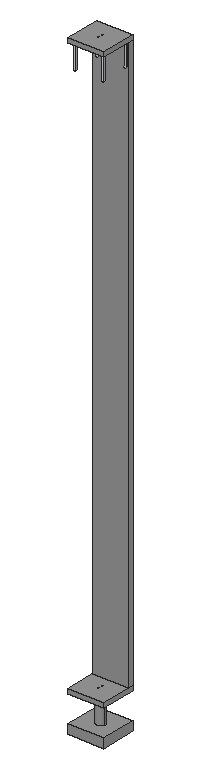
Revit family "CLT Colums Fam Foundation", category Columns, Revit 2024
Family settings
  OmniClass Number = 23.25.30.11.14.11
  OmniClass Title = Columns
  Cut with Voids When Loaded = No
  Automatically joins geometry to walls = Yes
  Shared = No
  Show family pre-cut in plan views = Yes
Parameters
  Width = 2' - 0"
  TBofP to ToL [instance] = 0' - 1 89/256"
  Plate gap [instance] = 0' - 10"
  Over all Hieght [instance] = 2' - 10"
  Offset Top = 0' - 0"
  Offset Bottom = 0' - 2 89/256"
  Depth = 2' - 0"
  CLT Wood [instance] = CLT Wood
  C - Hieght [instance] = 10' - 8.62488"
  BoL Foundation = 0' - 0"
  Alum = Aluminom
Reference planes (in)
  plane 1 "Center (Front/Back)": y = 0
  plane 2: z = 0
  plane 3 "Center (Left/Right)": x = 0
  plane 4 "Left": x = -12
  plane 5 "Right": x = 12
  plane 6 "Back": y = 12
  plane 7 "Front": y = -12
Forms (in)
  Extrusion 1, solid, not visible
    sketch origin (31.78776, 32.17592, -10) x (0, -1, 0) y (0, 0, -1)
      loop
        line (8, 95.87488) -> (6.85714, 95.87488) -> (6.85714, -32.75) -> (8, -32.75) -> (8, 95.87488)
    from 0 to -8
  Extrusion 2, solid, not visible
    sketch origin (31.78776, 32.17592, -10) x (0, -1, 0) y (0, 0, -1)
      loop
        line (6.85714, 95.87488) -> (5.71429, 95.87488) -> (5.71429, -32.75) -> (6.85714, -32.75) -> (6.85714, 95.87488)
    from 0 to -8
  Extrusion 3, solid, not visible
    sketch origin (31.78776, 32.17592, -10) x (0, -1, 0) y (0, 0, -1)
      loop
        line (5.71429, 95.87488) -> (4.57143, 95.87488) -> (4.57143, -32.75) -> (5.71429, -32.75) -> (5.71429, 95.87488)
    from 0 to -8
  Extrusion 4, solid, not visible
    sketch origin (31.78776, 32.17592, -10) x (0, -1, 0) y (0, 0, -1)
      loop
        line (4.57143, 95.87488) -> (3.42857, 95.87488) -> (3.42857, -32.75) -> (4.57143, -32.75) -> (4.57143, 95.87488)
    from 0 to -8
  Extrusion 5, solid, not visible
    sketch origin (31.78776, 32.17592, -10) x (0, -1, 0) y (0, 0, -1)
      loop
        line (3.42857, 95.87488) -> (2.28571, 95.87488) -> (2.28571, -32.75) -> (3.42857, -32.75) -> (3.42857, 95.87488)
    from 0 to -8
  Extrusion 6, solid, not visible
    sketch origin (31.78776, 32.17592, -10) x (0, -1, 0) y (0, 0, -1)
      loop
        line (2.28571, 95.87488) -> (1.14286, 95.87488) -> (1.14286, -32.75) -> (2.28571, -32.75) -> (2.28571, 95.87488)
    from 0 to -8
  Extrusion 7, solid, not visible
    sketch origin (31.78776, 32.17592, -10) x (0, -1, 0) y (0, 0, -1)
      loop
        line (1.14286, 95.87488) -> (0, 95.87488) -> (0, -32.75) -> (1.14286, -32.75) -> (1.14286, 95.87488)
    from 0 to -8
  Extrusion 8, void, not visible
    sketch origin (31.78776, 29.89021, 22.75) x (-1, 0, 0) y (0, 1, 0)
      loop
        circle (7.10713, -4.82142) r 0.3125
      loop
        circle (7.10713, 1.39284) r 0.3125
      loop
        circle (0.89287, 1.39284) r 0.3125
      loop
        circle (0.89287, -4.82142) r 0.3125
    from 5.61328 to 0
  Extrusion 9, solid, not visible
    sketch origin (35.62956, 30.54791, 10) x (-1, 0, 0) y (0, -1, 0)
      loop
        circle (-0.89287, 0.89287) r 0.25
      loop
        circle (-0.89287, 7.10713) r 0.25
      loop
        circle (-7.10713, 7.10713) r 0.25
      loop
        circle (-7.10713, 0.89287) r 0.25
    from -0.625 to 5.37512
  Extrusion 10, solid, not visible
    sketch origin (35.62956, 30.54791, 0) x (-1, 0, 0) y (0, -1, 0)
      loop
        line (0, 0) -> (0, 8) -> (-8, 8) -> (-8, 0) -> (0, 0)
    from 10 to 9
  Extrusion 11, solid, not visible
    sketch origin (35.62956, 30.54791, 0.5) x (-1, 0, 0) y (0, -1, 0)
      loop
        circle (-4, 4) r 1.5
      loop
        circle (-4, 4) r 1.25
    from 1 to 8.5
  Extrusion 12, void, not visible
    sketch origin (39.62956, 34.89667, -120.5) x (0, -1, 0) y (0, 0, 1)
      loop
        circle (8.09876, 128.58145) r 0.25
    from -2.20492 to 3.10713
  Extrusion 13, void, not visible
    sketch origin (35.62956, 22.54791, 10) x (1, 0, 0) y (0, -1, 0)
      loop
        circle (4, -3.5) r 0.125
      loop
        circle (4, -4.5) r 0.125
    from -0.73368 to 1.5
  Extrusion 14, void, not visible
    sketch origin (35.62956, 30.54791, 10) x (-1, 0, 0) y (0, -1, 0)
      loop
        circle (-0.89287, 0.89287) r 0.25
      loop
        circle (-0.89287, 7.10713) r 0.25
      loop
        circle (-7.10713, 7.10713) r 0.25
      loop
        circle (-7.10713, 0.89287) r 0.25
    from -0.625 to 5.37512
  Extrusion 15, solid, not visible
    sketch origin (35.99761, 42.48659, 0) x (-1, 0, 0) y (0, -1, 0)
      loop
        line (0, 0) -> (0, 8) -> (-8, 8) -> (-8, 0) -> (0, 0)
    from 0 to 1
  Extrusion 16, solid, not visible
    sketch origin (35.99761, 42.48659, 1) x (-1, 0, 0) y (0, -1, 0)
      loop
        circle (-4, 4) r 1.5
      loop
        circle (-4, 4) r 1.75
    from 0 to 8.5
  Extrusion 17, void, not visible
    sketch origin (39.99761, 46.83536, -120) x (0, -1, 0) y (0, 0, 1)
      loop
        circle (8.34876, 128.08145) r 0.25
    from -2.20492 to 3.10713
  Extrusion 18, void, not visible
    sketch origin (35.99761, 42.48659, 1) x (-1, 0, 0) y (0, -1, 0)
      loop
        circle (-0.3125, 0.3125) r 0.25
      loop
        circle (-7.6875, 0.3125) r 0.25
      loop
        circle (-0.3125, 7.6875) r 0.25
      loop
        circle (-7.6875, 7.6875) r 0.25
    from -0.625 to 7.375
  Extrusion 19, solid, not visible
    sketch origin (35.99761, 42.48659, 0) x (0, 1, 0) y (1, 0, 0)
      loop
        circle (-0.89287, 0.89287) r 0.25
      loop
        circle (-7.10713, 0.89287) r 0.25
      loop
        circle (-7.10713, 7.10713) r 0.25
      loop
        circle (-0.89287, 7.10713) r 0.25
    from -0.625 to 5.37512
  Extrusion 20, solid, not visible
    sketch origin (38.24761, 38.48659, 7.65234) x (1, 0, 0) y (0, 1, 0)
      loop
        line (-2.5, 4.25) -> (-2.5, -4.25) -> (6, -4.25) -> (6, 4.25) -> (-2.5, 4.25)
    from 0 to 0.0625
  Extrusion 21, void, not visible
    sketch origin (35.99761, 42.48659, 1) x (-1, 0, 0) y (0, -1, 0)
      loop
        circle (-4, 4) r 1.75
    from 5.49799 to 7.68245
  Extrusion 22, void, not visible
    sketch origin (35.99761, 34.48659, 0) x (0, -1, 0) y (1, 0, 0)
      loop
        circle (-3.5, 4) r 0.125
      loop
        circle (-4.5, 4) r 0.125
    from -0.73368 to 1.5
  Extrusion 23, void, not visible
    sketch origin (35.99761, 42.48659, 1) x (-1, 0, 0) y (0, -1, 0)
      loop
        circle (-0.3125, 0.3125) r 0.25
      loop
        circle (-7.6875, 0.3125) r 0.25
      loop
        circle (-0.3125, 7.6875) r 0.25
      loop
        circle (-7.6875, 7.6875) r 0.25
    from -0.625 to 7.375
  Extrusion 24, void, not visible
    sketch origin (35.99761, 42.48659, 0) x (0, 1, 0) y (1, 0, 0)
      loop
        circle (-0.89287, 0.89287) r 0.25
      loop
        circle (-7.10713, 0.89287) r 0.25
      loop
        circle (-7.10713, 7.10713) r 0.25
      loop
        circle (-0.89287, 7.10713) r 0.25
    from -0.625 to 5.37512
  Extrusion 25, solid, not visible
    sketch origin (48.91093, 26.75813, 6.71484) x (1, 0, 0) y (0, 1, 0)
      loop
        circle (5.4375, 3.6875) r 0.25
      loop
        circle (5.4375, -3.6875) r 0.25
      loop
        circle (-1.9375, 3.6875) r 0.25
      loop
        circle (-1.9375, -3.6875) r 0.25
      loop
        line (-2.15401, 4.0625) -> (-2.37051, 3.6875) -> (-2.15401, 3.3125) -> (-1.72099, 3.3125) -> (-1.50449, 3.6875) -> (-1.72099, 4.0625) -> (-2.15401, 4.0625)
      loop
        line (5.22099, 4.0625) -> (5.00449, 3.6875) -> (5.22099, 3.3125) -> (5.65401, 3.3125) -> (5.87051, 3.6875) -> (5.65401, 4.0625) -> (5.22099, 4.0625)
      loop
        line (-2.15401, -4.0625) -> (-1.72099, -4.0625) -> (-1.50449, -3.6875) -> (-1.72099, -3.3125) -> (-2.15401, -3.3125) -> (-2.37051, -3.6875) -> (-2.15401, -4.0625)
      loop
        line (5.65401, -4.0625) -> (5.87051, -3.6875) -> (5.65401, -3.3125) -> (5.22099, -3.3125) -> (5.00449, -3.6875) -> (5.22099, -4.0625) -> (5.65401, -4.0625)
    from 0.25 to 0
  Extrusion 26, solid, not visible
    sketch origin (46.66093, 30.75813, 0) x (-1, 0, 0) y (0, -1, 0)
      loop
        circle (-0.3125, 0.3125) r 0.25
      loop
        circle (-7.6875, 0.3125) r 0.25
      loop
        circle (-0.3125, 7.6875) r 0.25
      loop
        circle (-7.6875, 7.6875) r 0.25
    from -0.625 to 7.375
  Extrusion 27, solid, not visible
    sketch origin (35.62956, 30.79791, 136.34766) x (0, -1, 0) y (-1, 0, 0)
      loop
        line (5.71429, -8) -> (6.85714, -8) -> (6.85714, 0) -> (5.71429, 0) -> (5.71429, -8)
    from 0 to 128.62488 <- "C - Hieght"
  Extrusion 28, solid, not visible
    sketch origin (35.62956, 29.65505, 136.34766) x (0, -1, 0) y (-1, 0, 0)
      loop
        line (5.71429, -8) -> (6.85714, -8) -> (6.85714, 0) -> (5.71429, 0) -> (5.71429, -8)
    from 0 to 128.62488 <- "C - Hieght"
  Extrusion 29, solid, not visible
    sketch origin (35.62956, 31.94077, 136.34766) x (0, -1, 0) y (-1, 0, 0)
      loop
        line (5.71429, -8) -> (6.85714, -8) -> (6.85714, 0) -> (5.71429, 0) -> (5.71429, -8)
    from 0 to 128.62488 <- "C - Hieght"
  Extrusion 30, solid, not visible
    sketch origin (35.62956, 33.08362, 136.34766) x (0, -1, 0) y (-1, 0, 0)
      loop
        line (5.71429, -8) -> (6.85714, -8) -> (6.85714, 0) -> (5.71429, 0) -> (5.71429, -8)
    from 0 to 128.62488 <- "C - Hieght"
  Extrusion 31, solid, not visible
    sketch origin (35.62956, 34.22648, 136.34766) x (0, -1, 0) y (-1, 0, 0)
      loop
        line (5.71429, -8) -> (6.85714, -8) -> (6.85714, 0) -> (5.71429, 0) -> (5.71429, -8)
    from 0 to 128.62488 <- "C - Hieght"
  Extrusion 32, solid, not visible
    sketch origin (35.62956, 35.36934, 136.34766) x (0, -1, 0) y (-1, 0, 0)
      loop
        line (5.71429, -8) -> (6.85714, -8) -> (6.85714, 0) -> (5.71429, 0) -> (5.71429, -8)
    from 0 to 128.62488 <- "C - Hieght"
  Extrusion 33, solid, not visible
    sketch origin (35.62956, 36.51219, 136.34766) x (0, -1, 0) y (-1, 0, 0)
      loop
        line (5.71429, -8) -> (6.85714, -8) -> (6.85714, 0) -> (5.71429, 0) -> (5.71429, -8)
    from 0 to 128.62488 <- "C - Hieght"
  Extrusion 34, void, not visible
    sketch origin (35.62956, 19.86934, 274.97254) x (0, -1, 0) y (-1, 0, 0)
      loop
        circle (-3.57144, -0.89287) r 0.3125
      loop
        circle (-9.7857, -0.89287) r 0.3125
      loop
        circle (-9.7857, -7.10713) r 0.3125
      loop
        circle (-3.57144, -7.10713) r 0.3125
    from 5.61328 to 0
  Extrusion 35, solid, not visible
    sketch origin (35.62956, 30.54791, 146.34766) x (-1, 0, 0) y (0, -1, 0)
      loop
        line (-8, 6.60714) -> (-8, 5.46429) -> (0, 5.46429) -> (0, 6.60714) -> (-8, 6.60714)
    from 0 to 128.62488 <- "C - Hieght"
  Extrusion 36, void, not visible
    sketch origin (35.62956, 30.54791, 146.34766) x (-1, 0, 0) y (0, -1, 0)
      loop
        circle (-0.89287, 0.64287) r 0.25
      loop
        circle (-0.89287, 7.10713) r 0.25
      loop
        circle (-7.10713, 7.10713) r 0.25
      loop
        circle (-7.10713, 0.64287) r 0.25
    from -0.625 to 5.37512
  Extrusion 37, solid, not visible
    sketch origin (35.62956, 29.15505, 146.34766) x (-1, 0, 0) y (0, -1, 0)
      loop
        line (-8, 6.60714) -> (-8, 5.21429) -> (0, 5.21429) -> (0, 6.60714) -> (-8, 6.60714)
    from 0 to 128.62488 <- "C - Hieght"
  Extrusion 38, solid, not visible
    sketch origin (35.62956, 19.86934, 146.34766) x (-1, 0, 0) y (0, -1, 0)
      loop
        line (-8, -6.35714) -> (0, -6.35714) -> (0, -5.21429) -> (-8, -5.21429) -> (-8, -6.35714)
    from 0 to 128.62488 <- "C - Hieght"
  Extrusion 39, solid, not visible
    sketch origin (35.62956, 20.76219, 146.34766) x (-1, 0, 0) y (0, -1, 0)
      loop
        line (-8, -6.60714) -> (0, -6.60714) -> (0, -5.46429) -> (-8, -5.46429) -> (-8, -6.60714)
    from 0 to 128.62488 <- "C - Hieght"
  Extrusion 40, solid, not visible
    sketch origin (35.62956, 21.90505, 146.34766) x (-1, 0, 0) y (0, -1, 0)
      loop
        line (-8, -6.60714) -> (0, -6.60714) -> (0, -5.46429) -> (-8, -5.46429) -> (-8, -6.60714)
    from 0 to 128.62488 <- "C - Hieght"
  Extrusion 41, solid, not visible
    sketch origin (35.62956, 23.04791, 146.34766) x (-1, 0, 0) y (0, -1, 0)
      loop
        line (-8, -6.60714) -> (0, -6.60714) -> (0, -5.46429) -> (-8, -5.46429) -> (-8, -6.60714)
    from 0 to 128.62488 <- "C - Hieght"
  Extrusion 42, solid, not visible
    sketch origin (35.62956, 24.19077, 146.34766) x (-1, 0, 0) y (0, -1, 0)
      loop
        line (-8, -6.60714) -> (0, -6.60714) -> (0, -5.46429) -> (-8, -5.46429) -> (-8, -6.60714)
    from 0 to 128.62488 <- "C - Hieght"
  Extrusion 43, solid
    sketch origin (0, -3.92857, 136.34766) x (1, 0, 0) y (0, -1, 0)
      loop
        circle (-3.10713, -7.10713) r 0.25
      loop
        circle (-3.10713, -0.89287) r 0.25
      loop
        circle (3.10713, -0.89287) r 0.25
      loop
        circle (3.10713, -7.10713) r 0.25
    from -0.625 to 5.37512
  Extrusion 44, void
    sketch origin (0, -3.92857, 137.34766) x (-1, 0, 0) y (0, 1, 0)
      loop
        circle (0, 3.5) r 0.125
      loop
        circle (0, 4.5) r 0.125
    from -10.78733 to 151.79636
  Extrusion 45, solid, material "Aluminom" <- "Alum"
    sketch origin (0, -3.92857, 7) x (1, 0, 0) y (0, -1, 0)
      loop
        circle (0, -4) r 1
    from -0.25 to 6.25
  Extrusion 46, solid, not visible
    sketch origin (396.40864, 212.66421, 0) x (-1, 0, 0) y (0, -1, 0)
      loop
        line (0, 0) -> (0, 8) -> (-8, 8) -> (-8, 0) -> (0, 0)
    from 0 to 1
  Extrusion 47, solid, not visible
    sketch origin (396.40864, 212.66421, 1) x (-1, 0, 0) y (0, -1, 0)
      loop
        circle (-4, 4) r 1.5
      loop
        circle (-4, 4) r 1.75
    from 0 to 8
  Extrusion 48, void, not visible
    sketch origin (400.40864, 217.01298, -120) x (0, -1, 0) y (0, 0, 1)
      loop
        circle (8.34876, 128.08145) r 0.25
    from -2.20492 to 3.10713
  Extrusion 49, void, not visible
    sketch origin (396.40864, 212.66421, 1) x (-1, 0, 0) y (0, -1, 0)
      loop
        circle (-0.3125, 0.3125) r 0.25
      loop
        circle (-7.6875, 0.3125) r 0.25
      loop
        circle (-0.3125, 7.6875) r 0.25
      loop
        circle (-7.6875, 7.6875) r 0.25
    from -0.625 to 7.375
  Extrusion 50, solid, not visible
    sketch origin (396.40864, 212.66421, 0) x (0, 1, 0) y (1, 0, 0)
      loop
        circle (-0.89287, 0.89287) r 0.25
      loop
        circle (-7.10713, 0.89287) r 0.25
      loop
        circle (-7.10713, 7.10713) r 0.25
      loop
        circle (-0.89287, 7.10713) r 0.25
    from -0.625 to 5.37512
  Extrusion 51, solid, not visible
    sketch origin (398.65864, 208.66421, 7.65234) x (1, 0, 0) y (0, 1, 0)
      loop
        line (-2.5, 4.25) -> (-2.5, -4.25) -> (6, -4.25) -> (6, 4.25) -> (-2.5, 4.25)
    from 0 to 0.0625
  Extrusion 52, void, not visible
    sketch origin (396.40864, 212.66421, 1) x (-1, 0, 0) y (0, -1, 0)
      loop
        circle (-4, 4) r 1.75
    from 5.49799 to 7.68245
  Extrusion 53, void, not visible
    sketch origin (396.40864, 204.66421, 0) x (0, -1, 0) y (1, 0, 0)
      loop
        circle (-3.5, 4) r 0.125
      loop
        circle (-4.5, 4) r 0.125
    from -0.73368 to 1.5
  Extrusion 54, void, not visible
    sketch origin (396.40864, 212.66421, 1) x (-1, 0, 0) y (0, -1, 0)
      loop
        circle (-0.3125, 0.3125) r 0.25
      loop
        circle (-7.6875, 0.3125) r 0.25
      loop
        circle (-0.3125, 7.6875) r 0.25
      loop
        circle (-7.6875, 7.6875) r 0.25
    from -0.625 to 7.375
  Extrusion 55, void, not visible
    sketch origin (396.40864, 212.66421, 0) x (0, 1, 0) y (1, 0, 0)
      loop
        circle (-0.89287, 0.89287) r 0.25
      loop
        circle (-7.10713, 0.89287) r 0.25
      loop
        circle (-7.10713, 7.10713) r 0.25
      loop
        circle (-0.89287, 7.10713) r 0.25
    from -0.625 to 5.37512
  Extrusion 56, solid, not visible
    sketch origin (396.40864, 212.66421, 10) x (-1, 0, 0) y (0, -1, 0)
      loop
        circle (-0.89287, 0.89287) r 0.25
      loop
        circle (-0.89287, 7.10713) r 0.25
      loop
        circle (-7.10713, 7.10713) r 0.25
      loop
        circle (-7.10713, 0.89287) r 0.25
    from -0.625 to 5.37512
  Extrusion 57, solid, not visible
    sketch origin (396.40864, 212.66421, 0) x (-1, 0, 0) y (0, -1, 0)
      loop
        line (0, 0) -> (0, 8) -> (-8, 8) -> (-8, 0) -> (0, 0)
    from 10 to 9
  Extrusion 58, solid, not visible
    sketch origin (396.40864, 212.66421, 0.5) x (-1, 0, 0) y (0, -1, 0)
      loop
        circle (-4, 4) r 1.5
      loop
        circle (-4, 4) r 1.25
    from 1 to 8.5
  Extrusion 59, void, not visible
    sketch origin (396.40864, 204.66421, 10) x (1, 0, 0) y (0, -1, 0)
      loop
        circle (4, -3.5) r 0.125
      loop
        circle (4, -4.5) r 0.125
    from -0.73368 to 1.5
  Extrusion 60, void, not visible
    sketch origin (396.40864, 212.66421, 10) x (-1, 0, 0) y (0, -1, 0)
      loop
        circle (-0.89287, 0.89287) r 0.25
      loop
        circle (-0.89287, 7.10713) r 0.25
      loop
        circle (-7.10713, 7.10713) r 0.25
      loop
        circle (-7.10713, 0.89287) r 0.25
    from -0.625 to 5.37512
  Extrusion 61, solid, not visible
    sketch origin (400.40091, 217.01298, -120) x (0, -1, 0) y (0, 0, 1)
      loop
        circle (8.34876, 128.08145) r 0.25
    from -1.87545 to 2.07698
  Extrusion 62, solid, not visible
    sketch origin (402.27636, 217.01298, -120) x (0, 1, 0) y (0, 0, 1)
      loop
        circle (-8.34876, 128.08145) r 0.3125
    from 0.04769 to 0
  Extrusion 63, solid, not visible
    sketch origin (398.65864, 208.66421, 7.71484) x (1, 0, 0) y (0, 1, 0)
      loop
        circle (5.4375, 3.6875) r 0.25
      loop
        circle (5.4375, -3.6875) r 0.25
      loop
        circle (-1.9375, 3.6875) r 0.25
      loop
        circle (-1.9375, -3.6875) r 0.25
      loop
        line (-2.15401, 4.0625) -> (-2.37051, 3.6875) -> (-2.15401, 3.3125) -> (-1.72099, 3.3125) -> (-1.50449, 3.6875) -> (-1.72099, 4.0625) -> (-2.15401, 4.0625)
      loop
        line (5.22099, 4.0625) -> (5.00449, 3.6875) -> (5.22099, 3.3125) -> (5.65401, 3.3125) -> (5.87051, 3.6875) -> (5.65401, 4.0625) -> (5.22099, 4.0625)
      loop
        line (-2.15401, -4.0625) -> (-1.72099, -4.0625) -> (-1.50449, -3.6875) -> (-1.72099, -3.3125) -> (-2.15401, -3.3125) -> (-2.37051, -3.6875) -> (-2.15401, -4.0625)
      loop
        line (5.65401, -4.0625) -> (5.87051, -3.6875) -> (5.65401, -3.3125) -> (5.22099, -3.3125) -> (5.00449, -3.6875) -> (5.22099, -4.0625) -> (5.65401, -4.0625)
    from 0.25 to 0
  Extrusion 64, solid, not visible
    sketch origin (396.40864, 212.66421, 1) x (-1, 0, 0) y (0, -1, 0)
      loop
        circle (-0.3125, 0.3125) r 0.25
      loop
        circle (-7.6875, 0.3125) r 0.25
      loop
        circle (-0.3125, 7.6875) r 0.25
      loop
        circle (-7.6875, 7.6875) r 0.25
    from -0.625 to 7.375
  Extrusion 65, solid, not visible
    sketch origin (4, 4, 134.09766) x (0, -1, 0) y (0, 0, -1)
      loop
        line (8, -2.25) -> (8, 126.37488) -> (6.85714, 126.37488) -> (6.85714, -2.25) -> (8, -2.25)
    from 0 to -8
  Extrusion 66, void, not visible
    sketch origin (4, -4, 136.34766) x (0, 1, 0) y (-1, 0, 0)
      loop
        circle (0.89287, 7.10713) r 0.3125
      loop
        circle (7.10713, 7.10713) r 0.3125
      loop
        circle (7.10713, 0.89287) r 0.3125
      loop
        circle (0.89287, 0.89287) r 0.3125
    from -5.61444 to 0
  Extrusion 67, solid, not visible
    sketch origin (-4, 4, 136.34766) x (-1, 0, 0) y (0, -1, 0)
      loop
        line (0, 0) -> (0, 8) -> (-8, 8) -> (-8, 0) -> (0, 0)
    from 0 to 1
  Extrusion 68, solid, not visible
    sketch origin (-4, 4, 137.34766) x (-1, 0, 0) y (0, -1, 0)
      loop
        circle (-4, 4) r 1.5
      loop
        circle (-4, 4) r 1.75
    from 0 to 8
  Extrusion 69, void, not visible
    sketch origin (0, 8.34876, 16.34766) x (0, -1, 0) y (0, 0, 1)
      loop
        circle (8.34876, 128.08145) r 0.25
    from -2.20492 to 3.10713
  Extrusion 70, void, not visible
    sketch origin (-4, 4, 137.34766) x (-1, 0, 0) y (0, -1, 0)
      loop
        circle (-0.3125, 0.3125) r 0.25
      loop
        circle (-7.6875, 0.3125) r 0.25
      loop
        circle (-0.3125, 7.6875) r 0.25
      loop
        circle (-7.6875, 7.6875) r 0.25
    from -0.625 to 7.375
  Extrusion 71, solid, not visible
    sketch origin (-4, 4, 136.34766) x (0, 1, 0) y (1, 0, 0)
      loop
        circle (-0.89287, 0.89287) r 0.25
      loop
        circle (-7.10713, 0.89287) r 0.25
      loop
        circle (-7.10713, 7.10713) r 0.25
      loop
        circle (-0.89287, 7.10713) r 0.25
    from -0.625 to 5.37512
  Extrusion 72, solid, not visible
    sketch origin (-1.75, 0, 144) x (1, 0, 0) y (0, 1, 0)
      loop
        line (-2.5, 4.25) -> (-2.5, -4.25) -> (6, -4.25) -> (6, 4.25) -> (-2.5, 4.25)
    from 0 to 0.0625
  Extrusion 73, void, not visible
    sketch origin (-4, 4, 137.34766) x (-1, 0, 0) y (0, -1, 0)
      loop
        circle (-4, 4) r 1.75
    from 5.49799 to 7.68245
  Extrusion 74, void, not visible
    sketch origin (-4, -4, 136.34766) x (0, -1, 0) y (1, 0, 0)
      loop
        circle (-3.5, 4) r 0.125
      loop
        circle (-4.5, 4) r 0.125
    from -0.73368 to 1.5
  Extrusion 75, void, not visible
    sketch origin (-4, 4, 137.34766) x (-1, 0, 0) y (0, -1, 0)
      loop
        circle (-0.3125, 0.3125) r 0.25
      loop
        circle (-7.6875, 0.3125) r 0.25
      loop
        circle (-0.3125, 7.6875) r 0.25
      loop
        circle (-7.6875, 7.6875) r 0.25
    from -0.625 to 7.375
  Extrusion 76, void, not visible
    sketch origin (-4, 4, 136.34766) x (0, 1, 0) y (1, 0, 0)
      loop
        circle (-0.89287, 0.89287) r 0.25
      loop
        circle (-7.10713, 0.89287) r 0.25
      loop
        circle (-7.10713, 7.10713) r 0.25
      loop
        circle (-0.89287, 7.10713) r 0.25
    from -0.625 to 5.37512
  Extrusion 77, solid, not visible
    sketch origin (-4, 4, 146.34766) x (-1, 0, 0) y (0, -1, 0)
      loop
        circle (-0.89287, 0.89287) r 0.25
      loop
        circle (-0.89287, 7.10713) r 0.25
      loop
        circle (-7.10713, 7.10713) r 0.25
      loop
        circle (-7.10713, 0.89287) r 0.25
    from -0.625 to 5.37512
  Extrusion 78, solid, not visible
    sketch origin (-4, 4, 136.34766) x (-1, 0, 0) y (0, -1, 0)
      loop
        line (0, 0) -> (0, 8) -> (-8, 8) -> (-8, 0) -> (0, 0)
    from 10 to 9
  Extrusion 79, solid, not visible
    sketch origin (-4, 4, 136.84766) x (-1, 0, 0) y (0, -1, 0)
      loop
        circle (-4, 4) r 1.5
      loop
        circle (-4, 4) r 1.25
    from 1 to 8.5
  Extrusion 80, void, not visible
    sketch origin (-4, -4, 146.34766) x (1, 0, 0) y (0, -1, 0)
      loop
        circle (4, -3.5) r 0.125
      loop
        circle (4, -4.5) r 0.125
    from -0.73368 to 1.5
  Extrusion 81, void, not visible
    sketch origin (-4, 4, 146.34766) x (-1, 0, 0) y (0, -1, 0)
      loop
        circle (-0.89287, 0.89287) r 0.25
      loop
        circle (-0.89287, 7.10713) r 0.25
      loop
        circle (-7.10713, 7.10713) r 0.25
      loop
        circle (-7.10713, 0.89287) r 0.25
    from -0.625 to 5.37512
  Extrusion 82, solid, not visible
    sketch origin (-0.00773, 8.34876, 16.34766) x (0, -1, 0) y (0, 0, 1)
      loop
        circle (8.34876, 128.08145) r 0.25
    from -1.87545 to 2.07698
  Extrusion 83, solid, not visible
    sketch origin (1.86772, 8.34876, 16.34766) x (0, 1, 0) y (0, 0, 1)
      loop
        circle (-8.34876, 128.08145) r 0.3125
    from 0.04769 to 0
  Extrusion 84, solid, not visible
    sketch origin (-1.75, 0, 144.0625) x (1, 0, 0) y (0, 1, 0)
      loop
        circle (5.4375, 3.6875) r 0.25
      loop
        circle (5.4375, -3.6875) r 0.25
      loop
        circle (-1.9375, 3.6875) r 0.25
      loop
        circle (-1.9375, -3.6875) r 0.25
      loop
        line (-2.15401, 4.0625) -> (-2.37051, 3.6875) -> (-2.15401, 3.3125) -> (-1.72099, 3.3125) -> (-1.50449, 3.6875) -> (-1.72099, 4.0625) -> (-2.15401, 4.0625)
      loop
        line (5.22099, 4.0625) -> (5.00449, 3.6875) -> (5.22099, 3.3125) -> (5.65401, 3.3125) -> (5.87051, 3.6875) -> (5.65401, 4.0625) -> (5.22099, 4.0625)
      loop
        line (-2.15401, -4.0625) -> (-1.72099, -4.0625) -> (-1.50449, -3.6875) -> (-1.72099, -3.3125) -> (-2.15401, -3.3125) -> (-2.37051, -3.6875) -> (-2.15401, -4.0625)
      loop
        line (5.65401, -4.0625) -> (5.87051, -3.6875) -> (5.65401, -3.3125) -> (5.22099, -3.3125) -> (5.00449, -3.6875) -> (5.22099, -4.0625) -> (5.65401, -4.0625)
    from 0.25 to 0
  Extrusion 85, solid, not visible
    sketch origin (-4, 4, 137.34766) x (-1, 0, 0) y (0, -1, 0)
      loop
        circle (-0.3125, 0.3125) r 0.25
      loop
        circle (-7.6875, 0.3125) r 0.25
      loop
        circle (-0.3125, 7.6875) r 0.25
      loop
        circle (-7.6875, 7.6875) r 0.25
    from -0.625 to 7.375
  Extrusion 86, solid, material "Aluminom" <- "Alum"
    sketch origin (0, 16.64286, 136.34766) x (0, -1, 0) y (0, 0, 1)
      loop
        line (20.57143, 0) -> (20.57143, 1) -> (12.57143, 1) -> (12.57143, 0) -> (20.57143, 0)
    from -4 to 4
  Extrusion 87, solid, material "Aluminom" <- "Alum"
    sketch origin (0, 16.64286, 136.34766) x (0, -1, 0) y (0, 0, 1)
      loop
        line (20.58315, -129.34766) -> (20.58315, -128.34766) -> (12.57143, -128.34766) -> (12.57143, -129.34766) -> (20.58315, -129.34766)
    from -4 to 4
  Extrusion 88, void
    sketch origin (0, -3.92857, 7) x (0, -1, 0) y (1, 0, 0)
      loop
        circle (-4, 0) r 1
    from -6.25 to 0.25
  Extrusion 89, solid, material "CLT Wood" <- "CLT Wood"
    sketch origin (0, -3.92857, 136.34766) x (1, 0, 0) y (0, -1, 0)
      loop
        line (-4, -6.85547) -> (-4, -8) -> (4, -8) -> (4, -6.85547) -> (-4, -6.85547)
    from 0 to 128.34766
  Extrusion 90, solid, material "Aluminom" <- "Alum"
    sketch origin (0, 16.64286, 136.34766) x (0, -1, 0) y (0, 0, 1)
      loop
        line (20.58315, -137.34766) -> (20.58315, -135.34766) -> (12.57143, -135.34766) -> (12.57143, -137.34766) -> (20.58315, -137.34766)
    from -4 to 4
Cuts and joins
  Extrusion 44, Extrusion 88 cuts Extrusion 87
  Extrusion 44 cuts Extrusion 86
  Extrusion 88 cuts Extrusion 90
Lines and regions (in)
  reference lines
    curve 1: line (0, 5.57143, 136.34766) -> (0, -5.42857, 136.34766)
    curve 3: line (0, -5.42857, 136.34766) -> (0, -5.42857, 145.34766)
    curve 4: line (0, -5.42857, 145.34766) -> (0, 4.82143, 145.34766)
  reference lines, not visible
    curve 2: line (0, 5.57143, 136.34766) -> (0, -5.42857, 136.34766)
Dimensions and locks (in)
  "C - Hieght": Extrusion 1 sketch curve to Extrusion 1 sketch curve
  "C - Hieght": Extrusion 2 sketch curve to Extrusion 2 sketch curve
  "C - Hieght": Extrusion 3 sketch curve to Extrusion 3 sketch curve
  "C - Hieght": Extrusion 4 sketch curve to Extrusion 4 sketch curve
  "C - Hieght": Extrusion 5 sketch curve to Extrusion 5 sketch curve
  "C - Hieght": Extrusion 6 sketch curve to Extrusion 6 sketch curve
  "C - Hieght": Extrusion 7 sketch curve to Extrusion 7 sketch curve
  "C - Hieght": Extrusion 65 sketch curve to Extrusion 65 sketch curve
  "Offset Top": curve 2 to Extrusion 65 sketch curve
  curve 4 to Extrusion 86 sketch curve to Extrusion 86 sketch curve = 0' - 8" locked, 0' - 1" locked
  locked: curve 4 to level at 1.34766
  locked: curve 1 to level at 7.65234
  curve 1 to level = 11' - 4 89/256"
  locked: Extrusion 89 sketch curve to Extrusion 89 sketch curve at 1.14453
  Extrusion 87 sketch curve to level = 0' - 8"
  Extrusion 87 sketch curve to level = 0' - 7"
  cut or joined group of Extrusion 44, Extrusion 87, Extrusion 88 to Extrusion 90 = 0' - 6"
  Extrusion 90 to level = 0' - 1"
  Extrusion 87 sketch curve to Extrusion 90 = 0' - 6"
  "BoL Foundation": cut or joined group of Extrusion 44, Extrusion 87, Extrusion 88 to Extrusion 89
  aligned and locked: level to plane 2
Automatic sketch dimensions
  Extrusion 9 sketch curve to Extrusion 10 = 0' - 0.89287"  (x8)
  Extrusion 10 sketch curve to Extrusion 10 sketch curve = 0' - 8"  (x2)
  Extrusion 11 sketch curve to Extrusion 11 sketch curve = 0' - 0"  (x4)
  Extrusion 13 sketch curve to Extrusion 13 sketch curve = 0' - 0"
  Extrusion 13 sketch curve to Extrusion 13 sketch curve = 0' - 1"
  Extrusion 14 sketch curve to Extrusion 10 = 0' - 0.89287"  (x8)
  Extrusion 15 sketch curve to Extrusion 15 sketch curve = 0' - 8"  (x2)
  Extrusion 16 sketch curve to Extrusion 16 sketch curve = 0' - 0"  (x2)
  Extrusion 16 sketch curve to Extrusion 15 = 0' - 4"  (x2)
  Extrusion 18 sketch curve to Extrusion 15 = 0' - 0 5/16"  (x8)
  Extrusion 19 sketch curve to Extrusion 19 sketch curve = 0' - 0"  (x3)
  Extrusion 19 sketch curve to Extrusion 19 sketch curve = 0' - 6.21426"  (x3)
  Extrusion 20 sketch curve to Extrusion 20 sketch curve = 0' - 8 1/2"  (x2)
  Extrusion 21 sketch curve to Extrusion 15 = 0' - 4"  (x2)
  Extrusion 22 sketch curve to Extrusion 22 sketch curve = 0' - 1"
  Extrusion 22 sketch curve to Extrusion 22 sketch curve = 0' - 0"
  Extrusion 23 sketch curve to Extrusion 15 = 0' - 0 5/16"  (x8)
  Extrusion 24 sketch curve to Extrusion 24 sketch curve = 0' - 0"  (x3)
  Extrusion 24 sketch curve to Extrusion 24 sketch curve = 0' - 6.21426"  (x3)
  Extrusion 6 to Extrusion 8 sketch curve = 0' - 0.89287"  (x4)
  Extrusion 8 sketch curve to Extrusion 6 = 0' - 4.82142"  (x2)
  Extrusion 8 sketch curve to Extrusion 6 = 0' - 0 1/4"  (x2)
  Extrusion 25 sketch curve to Extrusion 25 sketch curve = 0' - 0"  (x14)
  Extrusion 25 sketch curve to Extrusion 25 sketch curve = 0' - 0.21651"  (x21)
  Extrusion 25 sketch curve to Extrusion 25 sketch curve = 0' - 0.43301"  (x3)
  Extrusion 25 sketch curve to Extrusion 25 sketch curve = 0' - 6.50897"  (x2)
  Extrusion 25 sketch curve to Extrusion 25 sketch curve = 0' - 0 3/8"  (x12)
  Extrusion 25 sketch curve to Extrusion 25 sketch curve = 0' - 6 5/8"  (x2)
  Extrusion 25 sketch curve to Extrusion 25 sketch curve = 0' - 0.18301"  (x4)
  Extrusion 26 sketch curve to Extrusion 26 sketch curve = 0' - 0"  (x3)
  Extrusion 26 sketch curve to Extrusion 26 sketch curve = 0' - 7 3/8"  (x3)
  Extrusion 1 sketch curve to Extrusion 1 sketch curve = 0' - 1.14286"
  Extrusion 2 sketch curve to Extrusion 2 sketch curve = 0' - 1.14286"
  Extrusion 3 sketch curve to Extrusion 3 sketch curve = 0' - 1.14286"
  Extrusion 4 sketch curve to Extrusion 4 sketch curve = 0' - 1.14286"
  Extrusion 5 sketch curve to Extrusion 5 sketch curve = 0' - 1.14286"
  Extrusion 6 sketch curve to Extrusion 6 sketch curve = 0' - 1.14286"
  Extrusion 7 sketch curve to Extrusion 7 sketch curve = 0' - 1.14286"
  Extrusion 29 sketch curve to Extrusion 29 sketch curve = 0' - 1.14286"
  Extrusion 30 sketch curve to Extrusion 30 sketch curve = 0' - 1.14286"
  Extrusion 31 sketch curve to Extrusion 31 sketch curve = 0' - 1.14286"
  Extrusion 32 sketch curve to Extrusion 32 sketch curve = 0' - 1.14286"
  Extrusion 27 sketch curve to Extrusion 27 sketch curve = 0' - 1.14286"
  Extrusion 27 sketch curve to Extrusion 27 sketch curve = 0' - 8"
  Extrusion 28 sketch curve to Extrusion 28 sketch curve = 0' - 1.14286"
  Extrusion 28 sketch curve to Extrusion 28 sketch curve = 0' - 8"
  Extrusion 29 sketch curve to Extrusion 29 sketch curve = 0' - 8"
  Extrusion 30 sketch curve to Extrusion 30 sketch curve = 0' - 8"
  Extrusion 31 sketch curve to Extrusion 31 sketch curve = 0' - 8"
  Extrusion 32 sketch curve to Extrusion 32 sketch curve = 0' - 8"
  Extrusion 33 sketch curve to Extrusion 33 sketch curve = 0' - 1.14286"
  Extrusion 33 sketch curve to Extrusion 33 sketch curve = 0' - 8"
  Extrusion 35 sketch curve to Extrusion 35 sketch curve = 0' - 1.14286"
  Extrusion 38 sketch curve to Extrusion 38 sketch curve = 0' - 1.14286"
  Extrusion 39 sketch curve to Extrusion 39 sketch curve = 0' - 1.14286"
  Extrusion 40 sketch curve to Extrusion 40 sketch curve = 0' - 1.14286"
  Extrusion 41 sketch curve to Extrusion 41 sketch curve = 0' - 1.14286"
  Extrusion 34 sketch curve to Extrusion 38 = 0' - 0.89287"  (x4)
  Extrusion 38 to Extrusion 34 sketch curve = 0' - 3.42856"  (x2)
  Extrusion 38 to Extrusion 34 sketch curve = 0' - 1.64284"  (x2)
  Extrusion 35 sketch curve to Extrusion 35 sketch curve = 0' - 8"
  Extrusion 36 sketch curve to Extrusion 36 sketch curve = 0' - 0"  (x3)
  Extrusion 36 sketch curve to Extrusion 36 sketch curve = 0' - 6.21426"  (x2)
  Extrusion 36 sketch curve to Extrusion 36 sketch curve = 0' - 6.46426"
  Extrusion 37 sketch curve to Extrusion 37 sketch curve = 0' - 8"
  Extrusion 37 sketch curve to Extrusion 37 sketch curve = 0' - 1.39286"
  Extrusion 38 sketch curve to Extrusion 38 sketch curve = 0' - 8"
  Extrusion 39 sketch curve to Extrusion 39 sketch curve = 0' - 8"
  Extrusion 40 sketch curve to Extrusion 40 sketch curve = 0' - 8"
  Extrusion 41 sketch curve to Extrusion 41 sketch curve = 0' - 8"
  Extrusion 42 sketch curve to Extrusion 42 sketch curve = 0' - 8"
  Extrusion 42 sketch curve to Extrusion 42 sketch curve = 0' - 1.14286"
  Extrusion 46 sketch curve to Extrusion 46 sketch curve = 0' - 8"  (x2)
  Extrusion 47 sketch curve to Extrusion 47 sketch curve = 0' - 0"  (x2)
  Extrusion 47 sketch curve to Extrusion 46 = 0' - 4"  (x2)
  Extrusion 49 sketch curve to Extrusion 46 = 0' - 0 5/16"  (x8)
  Extrusion 50 sketch curve to Extrusion 50 sketch curve = 0' - 0"  (x3)
  Extrusion 50 sketch curve to Extrusion 50 sketch curve = 0' - 6.21426"  (x3)
  Extrusion 51 sketch curve to Extrusion 51 sketch curve = 0' - 8 1/2"  (x2)
  Extrusion 52 sketch curve to Extrusion 46 = 0' - 4"  (x2)
  Extrusion 53 sketch curve to Extrusion 53 sketch curve = 0' - 1"
  Extrusion 53 sketch curve to Extrusion 53 sketch curve = 0' - 0"
  Extrusion 54 sketch curve to Extrusion 46 = 0' - 0 5/16"  (x8)
  Extrusion 55 sketch curve to Extrusion 55 sketch curve = 0' - 0"  (x3)
  Extrusion 55 sketch curve to Extrusion 55 sketch curve = 0' - 6.21426"  (x3)
  Extrusion 56 sketch curve to Extrusion 57 = 0' - 0.89287"  (x8)
  Extrusion 57 sketch curve to Extrusion 57 sketch curve = 0' - 8"  (x2)
  Extrusion 58 sketch curve to Extrusion 58 sketch curve = 0' - 0"  (x4)
  Extrusion 59 sketch curve to Extrusion 59 sketch curve = 0' - 0"
  Extrusion 59 sketch curve to Extrusion 59 sketch curve = 0' - 1"
  Extrusion 60 sketch curve to Extrusion 57 = 0' - 0.89287"  (x8)
  Extrusion 63 sketch curve to Extrusion 63 sketch curve = 0' - 0"  (x12)
  Extrusion 63 sketch curve to Extrusion 63 sketch curve = 0' - 0.21651"  (x21)
  Extrusion 63 sketch curve to Extrusion 63 sketch curve = 0' - 0.43301"  (x3)
  Extrusion 63 sketch curve to Extrusion 63 sketch curve = 0' - 6.50897"  (x2)
  Extrusion 63 sketch curve to Extrusion 63 sketch curve = 0' - 0 3/8"  (x14)
  Extrusion 63 sketch curve to Extrusion 63 sketch curve = 0' - 0.18301"  (x4)
  Extrusion 64 sketch curve to Extrusion 64 sketch curve = 0' - 0"  (x3)
  Extrusion 64 sketch curve to Extrusion 64 sketch curve = 0' - 7 3/8"  (x3)
  Extrusion 63 sketch curve to Extrusion 63 sketch curve = 0' - 6 5/8"  (x2)
  Extrusion 67 sketch curve to Extrusion 67 sketch curve = 0' - 8"  (x2)
  Extrusion 68 sketch curve to Extrusion 68 sketch curve = 0' - 0"  (x2)
  Extrusion 68 sketch curve to Extrusion 67 = 0' - 4"  (x2)
  Extrusion 70 sketch curve to Extrusion 67 = 0' - 0 5/16"  (x8)
  Extrusion 71 sketch curve to Extrusion 71 sketch curve = 0' - 0"  (x3)
  Extrusion 71 sketch curve to Extrusion 71 sketch curve = 0' - 6.21426"  (x3)
  Extrusion 72 sketch curve to Extrusion 72 sketch curve = 0' - 8 1/2"  (x2)
  Extrusion 73 sketch curve to Extrusion 67 = 0' - 4"  (x2)
  Extrusion 74 sketch curve to Extrusion 74 sketch curve = 0' - 1"
  Extrusion 74 sketch curve to Extrusion 74 sketch curve = 0' - 0"
  Extrusion 75 sketch curve to Extrusion 67 = 0' - 0 5/16"  (x8)
  Extrusion 76 sketch curve to Extrusion 76 sketch curve = 0' - 0"  (x3)
  Extrusion 76 sketch curve to Extrusion 76 sketch curve = 0' - 6.21426"  (x3)
  Extrusion 77 sketch curve to Extrusion 78 = 0' - 0.89287"  (x8)
  Extrusion 78 sketch curve to Extrusion 78 sketch curve = 0' - 8"  (x2)
  Extrusion 79 sketch curve to Extrusion 79 sketch curve = 0' - 0"  (x4)
  Extrusion 80 sketch curve to Extrusion 80 sketch curve = 0' - 0"
  Extrusion 80 sketch curve to Extrusion 80 sketch curve = 0' - 1"
  Extrusion 81 sketch curve to Extrusion 78 = 0' - 0.89287"  (x8)
  Extrusion 84 sketch curve to Extrusion 84 sketch curve = 0' - 0"  (x12)
  Extrusion 84 sketch curve to Extrusion 84 sketch curve = 0' - 0.21651"  (x21)
  Extrusion 84 sketch curve to Extrusion 84 sketch curve = 0' - 0.43301"  (x3)
  Extrusion 84 sketch curve to Extrusion 84 sketch curve = 0' - 6.50897"  (x2)
  Extrusion 84 sketch curve to Extrusion 84 sketch curve = 0' - 0 3/8"  (x14)
  Extrusion 84 sketch curve to Extrusion 84 sketch curve = 0' - 0.18301"  (x4)
  Extrusion 85 sketch curve to Extrusion 85 sketch curve = 0' - 0"  (x3)
  Extrusion 85 sketch curve to Extrusion 85 sketch curve = 0' - 7 3/8"  (x3)
  Extrusion 84 sketch curve to Extrusion 84 sketch curve = 0' - 6 5/8"  (x2)
  curve 1 to curve 1 = 0' - 11"
  Extrusion 66 sketch curve to Extrusion 65 = 0' - 0 1/4"  (x2)
  Extrusion 65 to Extrusion 66 sketch curve = 0' - 0.89287"  (x4)
  Extrusion 65 to Extrusion 66 sketch curve = 0' - 5.96427"  (x2)
  curve 2 to curve 2 = 0' - 11"
  Extrusion 65 sketch curve to Extrusion 65 sketch curve = 0' - 1.14286"
  Extrusion 43 sketch curve to Extrusion 86 = 0' - 0.89287"  (x4)
  Extrusion 86 to Extrusion 43 sketch curve = 0' - 0.89287"  (x4)
  Extrusion 86 to Extrusion 44 sketch curve = 0' - 4"
  Extrusion 44 sketch curve to Extrusion 44 sketch curve = 0' - 0"
  Extrusion 44 sketch curve to Extrusion 86 = 0' - 3 1/2"
  Extrusion 44 sketch curve to Extrusion 44 sketch curve = 0' - 1"
  curve 1 to plane 3 "Center (Left/Right)" = 0' - 0"
  plane 1 "Center (Front/Back)" to curve 1 = 0' - 5.42857"
  curve 1 to plane 1 "Center (Front/Back)" = 0' - 5.57143"
  curve 1 to Extrusion 86 sketch curve = 0' - 1 1/2"
  Extrusion 86 sketch curve to curve 1 = 0' - 1 1/2"
  curve 3 to plane 3 "Center (Left/Right)" = 0' - 0"
  curve 3 to level = 0' - 7 167/256"
  level to curve 3 = 0' - 1 89/256"
  curve 4 to curve 3 = 0' - 10 1/4"
  curve 4 to curve 3 = 0' - 0"
  Extrusion 89 sketch curve to Extrusion 86 = 0' - 0"  (x2)
  Extrusion 86 to Extrusion 89 sketch curve = 0' - 0"
  curve 1 to Extrusion 87 sketch curve = 0' - 1 1/2"
  Extrusion 87 sketch curve to curve 1 = 0' - 1 125/256"
  Extrusion 45 sketch curve to Extrusion 87 = 0' - 4"
  Extrusion 87 to Extrusion 45 sketch curve = 0' - 4"
  Extrusion 88 sketch curve to Extrusion 88 sketch curve = 0' - 0"  (x2)
  Extrusion 87 to Extrusion 88 sketch curve = 0' - 4"
  Extrusion 88 sketch curve to Extrusion 87 = 0' - 4"
  Extrusion 88 sketch curve to Extrusion 88 sketch curve = 0' - 1"
  curve 1 to Extrusion 90 sketch curve = 0' - 1 1/2"
  Extrusion 90 sketch curve to curve 1 = 0' - 1 125/256"
  Extrusion 90 sketch curve to curve 1 = 11' - 5 89/256"
  Extrusion 90 sketch curve to Extrusion 90 sketch curve = 0' - 2"
  radius of Extrusion 9 sketch curve = 0' - 0 1/4"  (x4)
  radius of Extrusion 11 sketch curve = 0' - 1 1/2"
  radius of Extrusion 11 sketch curve = 0' - 1 1/4"
  radius of Extrusion 12 sketch curve = 0' - 0 1/4"
  radius of Extrusion 13 sketch curve = 0' - 0 1/8"  (x2)
  radius of Extrusion 14 sketch curve = 0' - 0 1/4"  (x4)
  radius of Extrusion 16 sketch curve = 0' - 1 1/2"
  radius of Extrusion 16 sketch curve = 0' - 1 3/4"
  radius of Extrusion 17 sketch curve = 0' - 0 1/4"
  radius of Extrusion 18 sketch curve = 0' - 0 1/4"  (x4)
  radius of Extrusion 19 sketch curve = 0' - 0 1/4"  (x4)
  radius of Extrusion 21 sketch curve = 0' - 1 3/4"
  radius of Extrusion 22 sketch curve = 0' - 0 1/8"  (x2)
  radius of Extrusion 23 sketch curve = 0' - 0 1/4"  (x4)
  radius of Extrusion 24 sketch curve = 0' - 0 1/4"  (x4)
  radius of Extrusion 8 sketch curve = 0' - 0 5/16"  (x4)
  radius of Extrusion 26 sketch curve = 0' - 0 1/4"  (x4)
  radius of Extrusion 36 sketch curve = 0' - 0 1/4"  (x4)
  radius of Extrusion 34 sketch curve = 0' - 0 5/16"  (x4)
  radius of Extrusion 47 sketch curve = 0' - 1 1/2"
  radius of Extrusion 47 sketch curve = 0' - 1 3/4"
  radius of Extrusion 48 sketch curve = 0' - 0 1/4"
  radius of Extrusion 49 sketch curve = 0' - 0 1/4"  (x4)
  radius of Extrusion 50 sketch curve = 0' - 0 1/4"  (x4)
  radius of Extrusion 52 sketch curve = 0' - 1 3/4"
  radius of Extrusion 53 sketch curve = 0' - 0 1/8"  (x2)
  radius of Extrusion 54 sketch curve = 0' - 0 1/4"  (x4)
  radius of Extrusion 55 sketch curve = 0' - 0 1/4"  (x4)
  radius of Extrusion 56 sketch curve = 0' - 0 1/4"  (x4)
  radius of Extrusion 58 sketch curve = 0' - 1 1/2"
  radius of Extrusion 58 sketch curve = 0' - 1 1/4"
  radius of Extrusion 59 sketch curve = 0' - 0 1/8"  (x2)
  radius of Extrusion 60 sketch curve = 0' - 0 1/4"  (x4)
  radius of Extrusion 61 sketch curve = 0' - 0 1/4"
  radius of Extrusion 61 to Extrusion 62 sketch curve = 0' - 0 1/16"
  radius of Extrusion 64 sketch curve = 0' - 0 1/4"  (x4)
  radius of Extrusion 68 sketch curve = 0' - 1 1/2"
  radius of Extrusion 68 sketch curve = 0' - 1 3/4"
  radius of Extrusion 69 sketch curve = 0' - 0 1/4"
  radius of Extrusion 70 sketch curve = 0' - 0 1/4"  (x4)
  radius of Extrusion 71 sketch curve = 0' - 0 1/4"  (x4)
  radius of Extrusion 73 sketch curve = 0' - 1 3/4"
  radius of Extrusion 74 sketch curve = 0' - 0 1/8"  (x2)
  radius of Extrusion 75 sketch curve = 0' - 0 1/4"  (x4)
  radius of Extrusion 76 sketch curve = 0' - 0 1/4"  (x4)
  radius of Extrusion 77 sketch curve = 0' - 0 1/4"  (x4)
  radius of Extrusion 79 sketch curve = 0' - 1 1/2"
  radius of Extrusion 79 sketch curve = 0' - 1 1/4"
  radius of Extrusion 80 sketch curve = 0' - 0 1/8"  (x2)
  radius of Extrusion 81 sketch curve = 0' - 0 1/4"  (x4)
  radius of Extrusion 82 sketch curve = 0' - 0 1/4"
  radius of Extrusion 82 to Extrusion 83 sketch curve = 0' - 0 1/16"
  radius of Extrusion 85 sketch curve = 0' - 0 1/4"  (x4)
  radius of Extrusion 66 sketch curve = 0' - 0 5/16"  (x4)
  radius of Extrusion 43 sketch curve = 0' - 0 1/4"  (x4)
  radius of Extrusion 44 sketch curve = 0' - 0 1/8"  (x2)
  radius of Extrusion 45 sketch curve = 0' - 1"
